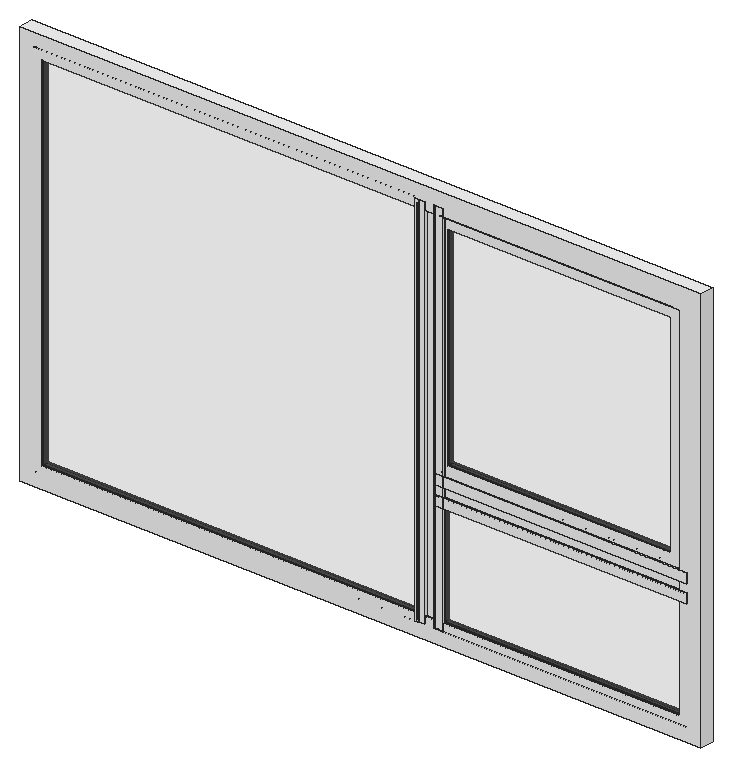
Revit family
Parameters (values of type "TH-PT1509")
  Height = 890 mm
  Head Height = 2125 mm
  Default Sill Height = Head Height - Height  # 1235 mm
  Wall Closure = (empty or 0)
  Width = 1490 mm
Types (5, lengths in mm): name | Height | Default Sill Height | Width
  (no name) | 890 | 1235 | 1490
  TH-PT1209 | 890 | 1235 | 1190
  TH-PT1509 | 890 | 1235 | 1490
  TH-PT1212 | 1190 | 935 | 1190
  TH-PT1512 | 1190 | 935 | 1490
Reference planes
  plane 1 "Center (Front/Back)": y = 0
  plane 2 "Center (Left/Right)": x = 0
  plane 3 "Left": x = -745
  plane 4 "Right": x = 745
  plane 5 "Sill": z = 1235
  plane 6 "Head": z = 2125
  plane 7 "Exterior": y = 100
  plane 8 "Interior": y = -100
  plane 9: y = -30.5
  plane 10: x = 150
  plane 11: z = 1568.15
Forms (mm)
  Sweep 1, solid, material "Default Frame"
    path origin (0, 100, 0) x (1, 0, 0) y (0, 0, 1)
      loop
        line (745, 2125) -> (-745, 2125) -> (-745, 1235) -> (745, 1235) -> (745, 2125)
    profile origin (0, 100, 2125) x (0, 0, -1) y (0, -1, 0)
      loop
        line (0, 115.25) -> (0, 84.75) -> (30.58, 84.75) -> (30.58, 87.464) -> (28.08, 86.021) -> (28.08, 113.85) -> (39.575, 113.85) -> (39.575, 111.85) -> (46.275, 111.85)
        arc (46.275, 111.85) -> (46.875, 111.25) -> (47.475, 111.85) r 0.6
        line (47.475, 111.85) -> (47.475, 115.25) -> (0, 115.25)
  Extrusion 2, solid, material "Glass"
    sketch origin (-45.36, -3.5, 0) x (1, 0, 0) y (0, 0, 1)
      loop
        line (178.384, 2085.425) -> (-666.4, 2085.425) -> (-666.4, 1274.575) -> (178.384, 1274.575) -> (178.384, 2085.425)
    from 0 to 3
  Sweep 3, solid, material "Default Frame"
    path origin (-95.36, -108, -50) x (1, 0, 0) y (0, 0, -1)
      loop
        line (256.984, -2170.4) -> (256.984, -1289.6) -> (-645, -1289.6) -> (-645, -2170.4) -> (256.984, -2170.4)
    profile origin (-289.368, -108, 2120.4) x (0, 0, 1) y (0, 1, 0)
      loop
        line (-25.08, 99.735) -> (-24.578, 94.997)
        arc (-24.578, 94.997) -> (-24.261, 94.736) -> (-23.98, 95.035) r 0.3
        line (-23.98, 95.035) -> (-23.98, 121.263) -> (-25.98, 120.536) -> (-25.98, 122.735) -> (-27.439, 122.735) -> (-40.407, 109.637) -> (-40.407, 108.637) -> (-28.6, 108.637) -> (-28.6, 109.637) -> (-25.08, 109.637) -> (-25.08, 99.735)
  Sweep 4, solid, material "Rubber seal"
    path origin (-95.36, -108, -50) x (1, 0, 0) y (0, 0, -1)
      loop
        line (256.984, -2170.4) -> (256.984, -1289.6) -> (-645, -1289.6) -> (-645, -2170.4) -> (256.984, -2170.4)
    profile origin (-289.368, -108, 2120.4) x (0, 0, 1) y (0, 1, 0)
      loop
        line (-41.398, 108.637) -> (-45.535, 104.5) -> (-35.029, 104.5) -> (-35.029, 108.637) -> (-41.398, 108.637)
      loop
        line (-45.535, 101.5) -> (-42.255, 96.75) -> (-35.029, 96.75) -> (-35.029, 101.5) -> (-45.535, 101.5)
  Sweep 5, solid, material "Default Frame"
    path origin (-2000, 100, 1819.513) x (0, 0, -1) y (1, 0, 0)
      loop
        line (553.933, 2175) -> (-274.907, 2175)
    profile origin (175, 100, 1680) x (-1, 0, 0) y (0, -1, 0)
      loop
        line (-5.524, 115.25) -> (-5.524, 111.85)
        arc (-5.524, 111.85) -> (-4.924, 111.25) -> (-4.324, 111.85) r 0.6
        line (-4.324, 111.85) -> (2.376, 111.85) -> (2.376, 113.85) -> (13.876, 113.85) -> (13.876, 86.026) -> (11.376, 87.47) -> (11.376, 84.75) -> (39.376, 84.75) -> (39.376, 87.47) -> (36.876, 86.026) -> (36.876, 113.85) -> (48.376, 113.85) -> (48.376, 111.85) -> (55.076, 111.85)
        arc (55.076, 111.85) -> (55.676, 111.25) -> (56.276, 111.85) r 0.6
        line (56.276, 111.85) -> (56.276, 115.25) -> (34.876, 115.25) -> (34.876, 111.07) -> (15.876, 111.07) -> (15.876, 115.25) -> (-5.524, 115.25)
  Extrusion 6, solid, material "Glass"
    sketch origin (0, 0.5, 0) x (-1, 0, 0) y (0, 0, -1)
      loop
        line (-172.624, -2069.12) -> (-172.624, -1573.37) -> (-689.12, -1573.37) -> (-689.12, -2069.12) -> (-172.624, -2069.12)
    from 0 to 3
  Sweep 7, solid, material "Default Frame"
    path origin (50, -100, -50) x (-1, 0, 0) y (0, 0, 1)
      loop
        line (-116.86, 2125) -> (-645, 2125) -> (-645, 1621.01) -> (-116.86, 1621.01) -> (-116.86, 2125)
    profile origin (430.93, -100, 2075) x (0, 0, -1) y (0, 1, 0)
      loop
        line (2.36, 95.735) -> (2.36, 105.637) -> (5.88, 105.637) -> (5.88, 104.637) -> (17.687, 104.637) -> (17.687, 105.637) -> (4.719, 118.735) -> (3.26, 118.735) -> (3.26, 116.536) -> (1.26, 117.263) -> (1.26, 91.035)
        arc (1.26, 91.035) -> (1.541, 90.736) -> (1.858, 90.997) r 0.3
        line (1.858, 90.997) -> (2.36, 95.735)
  Sweep 8, solid, material "Default Frame"
    path origin (50, -100, -50) x (-1, 0, 0) y (0, 0, 1)
      loop
        line (-116.8, 2125) -> (-645, 2125) -> (-645, 1620.95) -> (-116.8, 1620.95) -> (-116.8, 2125)
    profile origin (430.9, -100, 2075) x (0, 0, -1) y (0, 1, 0)
      loop
        line (-10.425, 88.75) -> (20.155, 88.75) -> (20.155, 92.15)
        arc (20.155, 92.15) -> (19.555, 92.75) -> (18.955, 92.15) r 0.6
        line (18.955, 92.15) -> (12.255, 92.15) -> (12.255, 90.15) -> (0.76, 90.15) -> (0.76, 117.979) -> (3.26, 116.536) -> (3.26, 119.25) -> (-27.32, 119.25) -> (-27.32, 115.85)
        arc (-27.32, 115.85) -> (-26.72, 115.25) -> (-26.12, 115.85) r 0.6
        line (-26.12, 115.85) -> (-19.42, 115.85) -> (-19.42, 117.85) -> (-7.92, 117.85) -> (-7.92, 90.018) -> (-10.425, 91.464) -> (-10.425, 88.75)
  Sweep 9, solid, material "Rubber seal"
    path origin (50, -100, -50) x (-1, 0, 0) y (0, 0, 1)
      loop
        line (-116.86, 2125) -> (-645, 2125) -> (-645, 1621.01) -> (-116.86, 1621.01) -> (-116.86, 2125)
    profile origin (430.93, -100, 2075) x (0, 0, -1) y (0, 1, 0)
      loop
        line (18.698, 104.637) -> (12.329, 104.637) -> (12.329, 100.5) -> (22.835, 100.5) -> (18.698, 104.637)
      loop
        line (22.835, 97.5) -> (12.329, 97.5) -> (12.329, 92.75) -> (19.555, 92.75) -> (22.835, 97.5)
  Sweep 10, solid, material "Default Frame"
    path origin (395.36, -108.005, -85.822) x (-1, 0, 0) y (0, 0, 1)
      loop
        line (283.136, 1660.75) -> (-370.46, 1660.75) -> (-370.46, 1300.002) -> (283.136, 1300.002) -> (283.136, 1660.75)
    profile origin (439.022, -108.005, 1574.928) x (0, 0, -1) y (0, 1, 0)
      loop
        line (50.498, 99.735) -> (50.498, 109.637) -> (54.018, 109.637) -> (54.018, 108.637) -> (65.825, 108.637) -> (65.825, 109.637) -> (52.857, 122.735) -> (51.398, 122.735) -> (51.398, 120.536) -> (49.398, 121.263) -> (49.398, 95.035)
        arc (49.398, 95.035) -> (49.679, 94.736) -> (49.996, 94.997) r 0.3
        line (49.996, 94.997) -> (50.498, 99.735)
  Sweep 11, solid, material "Rubber seal"
    path origin (395.36, -108, -75.131) x (-1, 0, 0) y (0, 0, 1)
      loop
        line (293.836, 1660.75) -> (-381.16, 1660.75) -> (-381.16, 1278.611) -> (293.836, 1278.611) -> (293.836, 1660.75)
    profile origin (439.022, -108, 1585.619) x (0, 0, -1) y (0, 1, 0)
      loop
        line (77.532, 108.637) -> (71.162, 108.637) -> (71.162, 104.5) -> (81.669, 104.5) -> (77.532, 108.637)
      loop
        line (81.669, 101.5) -> (71.162, 101.5) -> (71.162, 96.75) -> (78.389, 96.75) -> (81.669, 101.5)
  Extrusion 12, solid, material "Glass"
    sketch origin (529.64, -3.5, 0) x (1, 0, 0) y (0, 0, 1)
      loop
        line (182.162, 1520.91) -> (-363.398, 1520.91) -> (-363.398, 1265.58) -> (182.162, 1265.58) -> (182.162, 1520.91)
    from 0 to 3
  Sweep 13, solid, material "Default Frame"
    path origin (10.487, 100, -612.47) x (1, 0, 0) y (0, 0, 1)
      loop
        line (703.933, 2175) -> (153.137, 2175)
    profile origin (439.022, 100, 1562.53) x (0, 0, -1) y (0, -1, 0)
      loop
        line (-5.9, 115.25) -> (-5.9, 111.85)
        arc (-5.9, 111.85) -> (-5.3, 111.25) -> (-4.7, 111.85) r 0.6
        line (-4.7, 111.85) -> (2, 111.85) -> (2, 113.85) -> (13.5, 113.85) -> (13.5, 86.026) -> (11, 87.47) -> (11, 84.75) -> (39, 84.75) -> (39, 87.47) -> (36.5, 86.026) -> (36.5, 113.85) -> (48, 113.85) -> (48, 111.85) -> (54.7, 111.85)
        arc (54.7, 111.85) -> (55.3, 111.25) -> (55.9, 111.85) r 0.6
        line (55.9, 111.85) -> (55.9, 115.25) -> (34.5, 115.25) -> (34.5, 111.07) -> (15.5, 111.07) -> (15.5, 115.25) -> (-5.9, 115.25)
Lines and regions (mm)
  Opening 1
    outline origin (3500, -100, 0) x (1, 0, 0) y (0, 0, 1)
      loop
        line (-2755, 1235) -> (-2755, 2125) -> (-4245, 2125) -> (-4245, 1235) -> (-2755, 1235)
  symbolic lines, style "Elevation Swing"
    curve 1: line (139.463, 38.5, 2102.337) -> (430.9, 38.5, 1543.63)
    curve 2: line (430.9, 38.5, 1543.63) -> (722.337, 38.5, 2102.337)
Text (mm)
  text "EXTERIOR" at (-1963.203, 1332.353, 0), in view "Ref. Level"
  text "INTERIOR" at (-1981.466, -818.386, 0), in view "Ref. Level"
  text "Exterior" at (0, 923.751, 2943.296), in view "Right"
  text "Exterior" at (0, 1040.484, 2685.409), in view "Left"
Dimensions and locks
  equal spacing: plane 3 "Left", plane 2 "Center (Left/Right)", plane 4 "Right"
  "Width": plane 3 "Left" to plane 4 "Right"
  "Height": plane 5 "Sill" to plane 6 "Head"
  "Default Sill Height": plane 5 "Sill" to level
  locked: plane 7 "Exterior" to host wall at 0
  locked: plane 8 "Interior" to host wall
  locked: Sweep 3 sketch curve to Sweep 1 at 4.6
  locked: Sweep 1 to Sweep 3 sketch curve at 4.6
  locked: Sweep 4 sketch curve to Sweep 1 at 4.6
  locked: Sweep 1 to Sweep 4 sketch curve at 4.6
  Sweep 5 to Sweep 4 sketch curve = 26 mm
  locked: plane 10 to plane 4 "Right" at 595
  locked: plane 10 to Sweep 5 sketch curve at 25
  locked: Sweep 3 sketch curve to Sweep 1 at 4.64
  Extrusion 2 to plane 10 = 16.976 mm
  plane 10 to Extrusion 12 = 16.242 mm
  locked: plane 11 to plane 6 "Head" at 556.85
  Sweep 7 sketch curve to Sweep 8 = 3.2 mm
  locked: Sweep 8 to Sweep 7 sketch curve at 3.2
  locked: Sweep 9 sketch curve to Sweep 8 at 3.2
  locked: Sweep 8 to Sweep 9 sketch curve at 3.2
  Sweep 1 to Sweep 10 sketch curve = 51.4 mm
  Sweep 5 to Sweep 10 sketch curve = 51.4 mm
  Sweep 10 sketch curve to Sweep 1 = 51.4 mm
  Sweep 1 to Sweep 11 sketch curve = 62.1 mm
  Sweep 5 to Sweep 11 sketch curve = 62.1 mm
  Sweep 11 sketch curve to Sweep 1 = 62.1 mm
  Sweep 5 to Sweep 3 sketch curve = 26 mm
  Sweep 3 sketch curve to Sweep 1 = 25.98 mm
  Sweep 1 to Sweep 3 sketch curve = 25.94 mm
  aligned and locked: curve 2 to Sweep 8
  aligned: curve 1 to Sweep 8
Automatic sketch dimensions
  Opening 1 sketch curve to plane 3 "Left" = 0 mm
  Opening 1 sketch curve to plane 4 "Right" = 0 mm
  Opening 1 sketch curve to plane 5 "Sill" = 0 mm
  Opening 1 sketch curve to plane 6 "Head" = 0 mm
  Sweep 1 sketch curve to plane 3 "Left" = 0 mm
  Sweep 1 sketch curve to plane 4 "Right" = 0 mm
  Sweep 1 sketch curve to plane 5 "Sill" = 0 mm
  Sweep 1 sketch curve to plane 6 "Head" = 0 mm
  Sweep 1 sketch curve to profile plane = 0 mm
  Sweep 1 sketch curve to profile plane = 28.08 mm
  Sweep 1 sketch curve to Sweep 1 sketch curve = 2.5 mm
  Sweep 1 sketch curve to Sweep 1 sketch curve = 11.495 mm
  Sweep 1 sketch curve to Sweep 1 sketch curve = 6.7 mm
  Sweep 1 sketch curve to Sweep 1 sketch curve = 0.6 mm
  profile plane to Sweep 1 sketch curve = 84.75 mm
  Sweep 1 sketch curve to Sweep 1 sketch curve = 1.271 mm
  Sweep 1 sketch curve to Sweep 1 sketch curve = 2.714 mm
  Sweep 1 sketch curve to Sweep 1 sketch curve = 24.386 mm
  Sweep 1 sketch curve to Sweep 1 sketch curve = 2 mm
  Sweep 1 sketch curve to Sweep 1 sketch curve = 3.4 mm
  Extrusion 2 sketch curve to plane 3 "Left" = 33.24 mm
  Extrusion 2 sketch curve to plane 10 = 16.976 mm
  Extrusion 2 sketch curve to plane 5 "Sill" = 39.575 mm
  plane 6 "Head" to Extrusion 2 sketch curve = 39.575 mm
  profile plane to Sweep 3 sketch curve = 40.407 mm
  Sweep 3 sketch curve to Sweep 3 sketch curve = 11.806 mm
  Sweep 3 sketch curve to Sweep 3 sketch curve = 1.161 mm
  Sweep 3 sketch curve to Sweep 3 sketch curve = 1.459 mm
  Sweep 3 sketch curve to Sweep 3 sketch curve = 3.52 mm
  Sweep 3 sketch curve to Sweep 3 sketch curve = 0.502 mm
  Sweep 3 sketch curve to Sweep 3 sketch curve = 0.298 mm
  Sweep 3 sketch curve to Sweep 3 sketch curve = 0.3 mm
  profile plane to Sweep 3 sketch curve = 94.997 mm
  Sweep 3 sketch curve to Sweep 3 sketch curve = 4.738 mm
  Sweep 3 sketch curve to Sweep 3 sketch curve = 8.902 mm
  Sweep 3 sketch curve to Sweep 3 sketch curve = 1 mm  (x2)
  Sweep 3 sketch curve to Sweep 3 sketch curve = 10.899 mm
  Sweep 3 sketch curve to Sweep 3 sketch curve = 0.728 mm
  Sweep 3 sketch curve to Sweep 3 sketch curve = 2.2 mm
  Sweep 4 sketch curve to plane 3 "Left" = 4.64 mm
  plane 6 "Head" to Sweep 5 sketch curve = 30.58 mm
  Sweep 5 sketch curve to plane 5 "Sill" = 30.58 mm
  profile plane to Sweep 5 sketch curve = 5.524 mm
  Sweep 5 sketch curve to Sweep 5 sketch curve = 0.6 mm  (x2)
  Sweep 5 sketch curve to profile plane = 2.376 mm
  Sweep 5 sketch curve to profile plane = 11.376 mm
  Sweep 5 sketch curve to Sweep 5 sketch curve = 2 mm  (x3)
  Sweep 5 sketch curve to Sweep 5 sketch curve = 19 mm
  Sweep 5 sketch curve to Sweep 5 sketch curve = 2.5 mm  (x2)
  Sweep 5 sketch curve to Sweep 5 sketch curve = 6.7 mm
  profile plane to Sweep 5 sketch curve = 84.75 mm
  Sweep 5 sketch curve to Sweep 5 sketch curve = 1.276 mm  (x2)
  Sweep 5 sketch curve to Sweep 5 sketch curve = 2.72 mm  (x2)
  Sweep 5 sketch curve to Sweep 5 sketch curve = 0.78 mm  (x2)
  Sweep 5 sketch curve to Sweep 5 sketch curve = 3.4 mm  (x2)
  plane 4 "Right" to Extrusion 6 sketch curve = 55.88 mm
  plane 11 to Extrusion 6 sketch curve = 5.22 mm
  plane 10 to Extrusion 6 sketch curve = 22.624 mm
  plane 6 "Head" to Extrusion 6 sketch curve = 55.88 mm
  plane 4 "Right" to Sweep 7 sketch curve = 50 mm
  plane 6 "Head" to Sweep 7 sketch curve = 50 mm
  Sweep 7 sketch curve to profile plane = 1.26 mm
  Sweep 7 sketch curve to Sweep 7 sketch curve = 0.3 mm
  Sweep 7 sketch curve to Sweep 7 sketch curve = 0.298 mm
  Sweep 7 sketch curve to profile plane = 2.36 mm
  Sweep 7 sketch curve to Sweep 7 sketch curve = 2 mm
  Sweep 7 sketch curve to Sweep 7 sketch curve = 1.459 mm
  Sweep 7 sketch curve to Sweep 7 sketch curve = 3.52 mm
  Sweep 7 sketch curve to Sweep 7 sketch curve = 11.806 mm
  profile plane to Sweep 7 sketch curve = 90.997 mm
  Sweep 7 sketch curve to Sweep 7 sketch curve = 4.738 mm
  Sweep 7 sketch curve to Sweep 7 sketch curve = 8.902 mm
  Sweep 7 sketch curve to Sweep 7 sketch curve = 1 mm  (x2)
  Sweep 7 sketch curve to Sweep 7 sketch curve = 10.899 mm
  Sweep 7 sketch curve to Sweep 7 sketch curve = 0.728 mm
  Sweep 7 sketch curve to Sweep 7 sketch curve = 2.2 mm
  plane 4 "Right" to Sweep 8 sketch curve = 50 mm
  plane 11 to Sweep 8 sketch curve = 2.8 mm
  plane 10 to Sweep 8 sketch curve = 16.8 mm
  plane 6 "Head" to Sweep 8 sketch curve = 50 mm
  profile plane to Sweep 8 sketch curve = 27.32 mm
  Sweep 8 sketch curve to Sweep 8 sketch curve = 0.6 mm  (x2)
  Sweep 8 sketch curve to Sweep 8 sketch curve = 6.7 mm  (x2)
  profile plane to Sweep 8 sketch curve = 10.425 mm
  Sweep 8 sketch curve to Sweep 8 sketch curve = 2.505 mm
  Sweep 8 sketch curve to profile plane = 0.76 mm
  Sweep 8 sketch curve to Sweep 8 sketch curve = 2.5 mm
  Sweep 8 sketch curve to Sweep 8 sketch curve = 11.495 mm
  profile plane to Sweep 8 sketch curve = 88.75 mm
  Sweep 8 sketch curve to Sweep 8 sketch curve = 1.268 mm
  Sweep 8 sketch curve to Sweep 8 sketch curve = 1.4 mm
  Sweep 8 sketch curve to Sweep 8 sketch curve = 2.714 mm  (x2)
  Sweep 8 sketch curve to Sweep 8 sketch curve = 3.4 mm
  Sweep 8 sketch curve to Sweep 8 sketch curve = 24.386 mm
  Sweep 8 sketch curve to Sweep 8 sketch curve = 0.686 mm
  Sweep 8 sketch curve to Sweep 8 sketch curve = 2 mm
  Sweep 8 sketch curve to Sweep 8 sketch curve = 1.443 mm
  plane 4 "Right" to Sweep 9 sketch curve = 50 mm
  plane 6 "Head" to Sweep 9 sketch curve = 50 mm
  Sweep 9 sketch curve to profile plane = 12.329 mm
  Sweep 9 sketch curve to Sweep 9 sketch curve = 0 mm  (x2)
  Sweep 9 sketch curve to Sweep 9 sketch curve = 6.37 mm
  Sweep 9 sketch curve to Sweep 9 sketch curve = 7.226 mm
  Sweep 9 sketch curve to Sweep 9 sketch curve = 4.137 mm  (x2)
  profile plane to Sweep 9 sketch curve = 92.75 mm
  Sweep 9 sketch curve to Sweep 9 sketch curve = 4.75 mm
  Sweep 9 sketch curve to Sweep 9 sketch curve = 3 mm
  plane 11 to Sweep 10 sketch curve = 6.778 mm
  Sweep 10 sketch curve to profile plane = 49.398 mm
  Sweep 10 sketch curve to Sweep 10 sketch curve = 0.3 mm
  Sweep 10 sketch curve to Sweep 10 sketch curve = 0.298 mm
  Sweep 10 sketch curve to Sweep 10 sketch curve = 0.502 mm
  Sweep 10 sketch curve to Sweep 10 sketch curve = 2 mm
  Sweep 10 sketch curve to Sweep 10 sketch curve = 1.459 mm
  Sweep 10 sketch curve to Sweep 10 sketch curve = 3.52 mm
  Sweep 10 sketch curve to Sweep 10 sketch curve = 11.806 mm
  profile plane to Sweep 10 sketch curve = 94.997 mm
  Sweep 10 sketch curve to Sweep 10 sketch curve = 4.738 mm
  Sweep 10 sketch curve to Sweep 10 sketch curve = 8.902 mm
  Sweep 10 sketch curve to Sweep 10 sketch curve = 1 mm  (x2)
  Sweep 10 sketch curve to Sweep 10 sketch curve = 10.899 mm
  Sweep 10 sketch curve to Sweep 10 sketch curve = 0.728 mm
  Sweep 10 sketch curve to Sweep 10 sketch curve = 2.2 mm
  plane 11 to Sweep 11 sketch curve = 17.469 mm
  Sweep 11 sketch curve to profile plane = 71.162 mm
  Sweep 11 sketch curve to Sweep 11 sketch curve = 0 mm  (x2)
  Sweep 11 sketch curve to Sweep 11 sketch curve = 6.37 mm
  Sweep 11 sketch curve to Sweep 11 sketch curve = 7.226 mm
  Sweep 11 sketch curve to Sweep 11 sketch curve = 4.137 mm  (x2)
  profile plane to Sweep 11 sketch curve = 96.75 mm
  Sweep 11 sketch curve to Sweep 11 sketch curve = 4.75 mm
  Sweep 11 sketch curve to Sweep 11 sketch curve = 3 mm
  plane 10 to Extrusion 12 sketch curve = 16.242 mm
  plane 4 "Right" to Extrusion 12 sketch curve = 33.198 mm
  Extrusion 12 sketch curve to plane 5 "Sill" = 30.58 mm
  Extrusion 12 sketch curve to plane 11 = 47.24 mm
  Sweep 13 sketch curve to plane 11 = 5.62 mm
  plane 10 to Sweep 13 sketch curve = 13.624 mm
  plane 4 "Right" to Sweep 13 sketch curve = 30.58 mm
  profile plane to Sweep 13 sketch curve = 5.9 mm
  Sweep 13 sketch curve to Sweep 13 sketch curve = 0.6 mm  (x2)
  Sweep 13 sketch curve to profile plane = 2 mm
  Sweep 13 sketch curve to profile plane = 11 mm
  Sweep 13 sketch curve to Sweep 13 sketch curve = 2.5 mm  (x2)
  Sweep 13 sketch curve to Sweep 13 sketch curve = 2 mm  (x4)
  Sweep 13 sketch curve to Sweep 13 sketch curve = 19 mm
  Sweep 13 sketch curve to Sweep 13 sketch curve = 11.5 mm
  Sweep 13 sketch curve to Sweep 13 sketch curve = 6.7 mm
  profile plane to Sweep 13 sketch curve = 84.75 mm
  Sweep 13 sketch curve to Sweep 13 sketch curve = 1.276 mm  (x2)
  Sweep 13 sketch curve to Sweep 13 sketch curve = 2.72 mm  (x2)
  Sweep 13 sketch curve to Sweep 13 sketch curve = 23.6 mm
  Sweep 13 sketch curve to Sweep 13 sketch curve = 0.78 mm  (x2)
  Sweep 13 sketch curve to Sweep 13 sketch curve = 3.4 mm  (x2)
  Sweep 5 sketch curve to Sweep 5 sketch curve = 26.38 mm
  Sweep 5 sketch curve to Sweep 5 sketch curve = 11.5 mm
  Sweep 5 sketch curve to Sweep 5 sketch curve = 1.4 mm
  profile plane to Sweep 4 sketch curve = 45.535 mm
  Sweep 4 sketch curve to Sweep 4 sketch curve = 0 mm
  Sweep 4 sketch curve to Sweep 4 sketch curve = 3.28 mm
  Sweep 4 sketch curve to Sweep 4 sketch curve = 4.137 mm  (x2)
  Sweep 4 sketch curve to Sweep 4 sketch curve = 6.37 mm
  Sweep 4 sketch curve to Sweep 4 sketch curve = 7.226 mm
  profile plane to Sweep 4 sketch curve = 96.75 mm
  Sweep 4 sketch curve to Sweep 4 sketch curve = 4.75 mm
  Sweep 4 sketch curve to Sweep 4 sketch curve = 3 mm
  plane 10 to Sweep 3 sketch curve = 11.624 mm
  plane 4 "Right" to curve 2 = 22.663 mm
  plane 10 to curve 2 = 280.9 mm
  curve 1 to plane 10 = 10.537 mm
  plane 6 "Head" to curve 2 = 22.663 mm
  plane 6 "Head" to curve 1 = 22.663 mm
